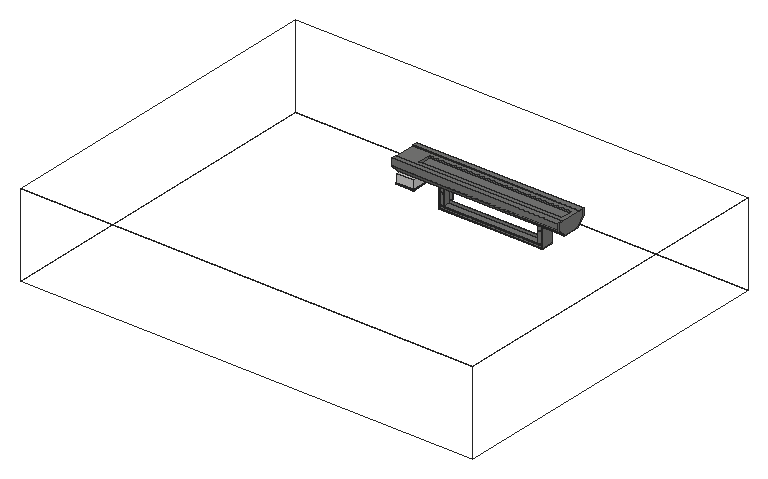
Revit family "Heater-QMark-Thermazone_Thin_Series", category Mechanical Equipment, host Face, Revit 2020
Family settings
  Host = Face
  Round Connector Dimension = Use Diameter
  Classification = None
  Part Type = Normal
  OmniClass Number = 23.75.70.17.17
  OmniClass Title = Radiation Panels
  Cut with Voids When Loaded = No
  Shared = No
  Room Calculation Point = No
Parameters (values of type "Not a Type - Load Type Catalog")
  Watts = 0 W
  Wall Mounting [instance] = yes
  Voltage = 0 V
  Version = "2020 - v1.0a"  # constant formula
  URL = "https://www.marleymep.com/"
  Total Heating Capacity = 0.0 Btu/h
  Product Page URL = "https://www.marleymep.com/products/berko/thermazone-thin-series-commercialresidential-infrared-heater"
  Product Name = "Thermazone Thin Series - Commercial/Residential Infrared Heater"  # constant formula
  Product Documentation Link = "https://www.marleymep.com/system/files/node/file/field-file/Submittal_THERMAZONE_THIN-RadiantHeat-BERKO-FINAL.pdf"
  Power Factor = 1  # constant formula
  Phase = 1
  Number of Poles = 1  # constant formula
  Model = "Noy a Type - Load Type Catalog"
  Manufacturer = "Marley® Engineered Products"  # constant formula
  Length = 3' - 6"
  Keynote = "15500"
  Instruction Sheet Link = "https://www.marleymep.com/system/files/node/file/field-file/Instruction%20Manual_ENM-4156-01%20-%20ThermazoneThin%20-%20Berko_0.pdf"
  Height = 0' - 9"  # constant formula
  Frequency = 60 Hz  # constant formula
  Clearance [instance] = yes
  C_ Thermazone Thin Series WM [instance] = Wall Mounting  # yes
  C_ Thermazone Thin Series CM [instance] = Ceiling Mounting  # no
  Description = "Infrared Heaters for Industrial/Commercial/Residential\r"  # constant formula
  Depth = 0' - 8"  # constant formula
  Default Elevation = 0' - 0"
  Copyright = "© 2015-2024, Marley Engineered Products"  # constant formula
  Ceiling Mounting [instance] = not(Wall Mounting)  # no
  Infrared Material = Paint - Berko - Powder Coated Black
  C_ Clearance Wall Mounting [instance] = if(and(Wall Mounting, Clearance), 1 = 1, 1 = 0)  # yes
  C_ Clearance Ceiling Mounting [instance] = if(and(Ceiling Mounting, Clearance), 1 = 1, 1 = 0)  # no
  Assembly Code = "D3060300"
  Amps = 0 A
Reference planes (in)
  plane 1 "Center (Front/Back)": y = 0
  plane 2: z = 0
  plane 3 "Center (Left/Right)": x = 0
Dimensions and locks (in)
  aligned and locked: plane 2 to host face
  aligned and locked: level to host face
Nested families (in)
  nested 1: "Heater-Berko-Thermazone_Thin_Series-Infrared_Heaters" at (9, 0, 0), Clearance <- "Clearance", Ceiling Mounting <- "Ceiling Mounting", visible <- "C_ Thermazone Thin Series CM", Wall Mounting <- "Wall Mounting", type "Thermazone Thin Series"
    with Wall Mounting yes, Thermazone Thin Series yes, Clearance yes, Ceiling Mounting no, C_ Clearance Wall Mounting yes, C_ Clearance Ceiling Mounting no
  nested 2: "Heater-Berko-Thermazone_Thin_Series-Infrared_Heaters" at (-10.15679, -35.24639, 0) x (-1, 0, 0) z (0, 0, 1), Clearance <- "Clearance", Wall Mounting <- "Wall Mounting", visible <- "C_ Thermazone Thin Series WM", Ceiling Mounting <- "Ceiling Mounting", type "Thermazone Thin Series"
    with Wall Mounting yes, Thermazone Thin Series yes, Clearance yes, Ceiling Mounting no, C_ Clearance Wall Mounting yes, C_ Clearance Ceiling Mounting no
Definition of nested family "Heater-Berko-Thermazone_Thin_Series-Infrared_Heaters"
  Parameters (values of type "Thermazone Thin Series")
    Watts = 0 W
    Wall Mounting [instance] = yes
    Voltage = 0 V
    Version = "2020 - v1.0a"  # constant formula
    URL = "https://www.marleymep.com/"
    Total Heating Capacity = 0.0 Btu/h
    Thermazone Thin Series [instance] = yes
    Product Page URL = "https://www.marleymep.com/products/qmark/thermazone-thin-series-commercialresidential-infrared-heater"
    Product Name = "Thermazone Thin Series - Commercial/Residential Infrared Heater"  # constant formula
    Product Documentation Link = "https://www.marleymep.com/system/files/node/file/field-file/Submittal_THERMAZONE_THIN-RadiantHeat-2-QMark.pdf"
    Power Factor = 0
    Phase = 1
    Number of Poles = 1
    Model = "Thermazone Series"
    Manufacturer = "Marley® Engineered Products"  # constant formula
    Length = 3' - 6"
    Instruction Sheet Link = "https://www.marleymep.com/system/files/node/file/field-file/Instruction%20Manual_ENM-4154-01%20-%20ThermazoneThin%20-%20Qmark.pdf"
    Height = 0' - 9"
    Frequency = 0 Hz
    Frame Material = none
    Clearance [instance] = yes
    Description = "Infrared Heaters for Industrial/Commercial/Residential\r"  # constant formula
    Depth = 0' - 8"
    Default Elevation = 4' - 0"
    Copyright = "© 2015-2024, Marley Engineered Products"  # constant formula
    Infrared Frame Material = none
    Ceiling Mounting [instance] = yes
    C_ Clearance Wall Mounting [instance] = if(and(Wall Mounting, Clearance), 1 = 1, 1 = 0)  # yes
    C_ Clearance Ceiling Mounting [instance] = if(and(Ceiling Mounting, Clearance), 1 = 1, 1 = 0)  # yes
    C_ Bracket Width = if(Length = 2' 0", 1' 4", if(Length = 3' 6", 2' 2", 1' 6"))  # 2' - 2"
    C_ Bracket Distance = if(Length = 2' 0", 0' 2", if(Length = 3' 6", 0' 6", 0' 6"))  # 0' - 6"
    Amps = 0 A
  Reference planes (in)
    plane 1 "Center (Front/Back)": y = 0
    plane 2: z = 0
    plane 3 "Center (Left/Right)": x = -9
    plane 4: x = 12
    plane 5: x = -30
    plane 6: y = 4
    plane 7: y = -4
    plane 8: z = 9
    plane 9: z = 5.3
    plane 10: z = 8.875
    plane 11: z = 8.375
    plane 12: x = 11.16797
    plane 13: x = 8.72656
    plane 14: x = 9.94727
    plane 15: x = 7.69727
    plane 16: x = 12.19727
    plane 17: z = 81
    plane 18: y = 10.875
    plane 19: y = -76
    plane 20: z = 21
  Forms (in)
    Extrusion 1, solid
      sketch origin (0, 0, 0) x (1, 0, 0) y (0, 1, 0)
        loop
          line (-48, 48) -> (-48, -48) -> (48, -48) -> (48, 48) -> (-48, 48)
      from 0 to -12
    Extrusion 2, solid, material <- "Infrared Frame Material", detail levels fine
      sketch origin (-9, 350.02278, 65.44391) x (0, -1, 0) y (0, 0, -1)
        loop
          line (346.02278, 56.44391) -> (347.27278, 56.44391) -> (347.27278, 56.56891) -> (346.14778, 56.56891) -> (346.14778, 58.14213) -> (348.02456, 60.01891) -> (352.02101, 60.01891) -> (353.89778, 58.14213) -> (353.89778, 56.56891) -> (352.77278, 56.56891) -> (352.77278, 56.44391) -> (354.02278, 56.44391) -> (354.02278, 58.19391) -> (352.07278, 60.14391) -> (347.97278, 60.14391) -> (346.02278, 58.19391) -> (346.02278, 56.44391)
      from -21 to 21
    Extrusion 3, solid, material <- "Infrared Frame Material", detail levels fine
      sketch origin (-9, 0, 0) x (0, 1, 0) y (0, 0, 1)
        loop
          line (-3.875, 8.875) -> (-3.875, 7.30178) -> (-1.99822, 5.425) -> (1.99822, 5.425) -> (3.875, 7.30178) -> (3.875, 8.875) -> (-3.875, 8.875)
      from -21 to 21
    Extrusion 4, void
      sketch origin (0, 0, 0) x (1, 0, 0) y (0, 1, 0)
        loop
          line (-29, 1.75) -> (-29, -1.75) -> (7, -1.75) -> (7, 1.75) -> (-29, 1.75)
      from 8.375 to 8.875
    Extrusion 5, solid, material <- "Infrared Frame Material", detail levels fine
      sketch origin (-9, -73.51115, -41.53452) x (0, 1, 0) y (0, 0, 1)
        loop
          line (72.01115, 41.53452) -> (75.01115, 41.53452) -> (75.01115, 41.65952) -> (72.01115, 41.65952) -> (72.01115, 41.53452)
      from -15 to 11
    Extrusion 6, solid, material <- "Infrared Frame Material", detail levels fine
      sketch origin (0, 0, 0) x (1, 0, 0) y (0, 0, 1)
        loop
          line (-24, 0.125) -> (-23.875, 0.125) -> (-23.875, 5.3) -> (-24, 5.3) -> (-24, 0.125)
      from -1.5 to 1.5
    Extrusion 7, solid, material <- "Infrared Frame Material", detail levels fine
      sketch origin (0, 0, 0) x (1, 0, 0) y (0, 1, 0)
        loop
          line (2, 1.5) -> (1.875, 1.5) -> (1.875, -1.5) -> (2, -1.5) -> (2, 1.5)
      from 0.125 to 5.3
    Extrusion 8, solid, material <- "Infrared Frame Material", detail levels fine
      sketch origin (0, 0, 0) x (1, 0, 0) y (0, 1, 0)
        loop
          line (-23.875, 1.5) -> (-23.875, 1.375) -> (1.875, 1.375) -> (1.875, 1.5) -> (-23.875, 1.5)
      from 0.125 to 0.8271
    Extrusion 9, solid, material <- "Infrared Frame Material", detail levels fine
      sketch origin (0, 0, 0) x (1, 0, 0) y (0, 1, 0)
        loop
          line (-23.875, -1.5) -> (1.875, -1.5) -> (1.875, -1.375) -> (-23.875, -1.375) -> (-23.875, -1.5)
      from 0.125 to 0.8271
    Extrusion 10, solid, material <- "Infrared Frame Material", detail levels fine
      sketch origin (0, 0, 0) x (1, 0, 0) y (0, 0, 1)
        loop
          line (1.875, 1.0771) -> (1.875, 3.8271) -> (0.875, 3.8271) -> (0.875, 1.0771) -> (1.875, 1.0771)
        loop
          line (1.875, 5.3271) -> (0.875, 5.3271) -> (0.875, 4.0771) -> (1.875, 4.0771) -> (1.875, 5.3271)
      from 1.375 to 1.5
    Extrusion 11, solid, material <- "Infrared Frame Material", detail levels fine
      sketch origin (0, 0, 0) x (1, 0, 0) y (0, 0, -1)
        loop
          line (1.875, -1.0771) -> (0.875, -1.0771) -> (0.875, -3.8271) -> (1.875, -3.8271) -> (1.875, -1.0771)
        loop
          line (1.875, -5.3271) -> (1.875, -4.0771) -> (0.875, -4.0771) -> (0.875, -5.3271) -> (1.875, -5.3271)
      from 1.375 to 1.5
    Extrusion 12, solid, material <- "Infrared Frame Material", detail levels fine
      sketch origin (-5, 0, 0) x (-1, 0, 0) y (0, 0, -1)
        loop
          line (18.875, -1.0771) -> (17.875, -1.0771) -> (17.875, -3.8271) -> (18.875, -3.8271) -> (18.875, -1.0771)
        loop
          line (18.875, -5.3271) -> (18.875, -4.0771) -> (17.875, -4.0771) -> (17.875, -5.3271) -> (18.875, -5.3271)
      from 1.375 to 1.5
    Extrusion 13, solid, material <- "Infrared Frame Material", detail levels fine
      sketch origin (-5, 0, 0) x (-1, 0, 0) y (0, 0, 1)
        loop
          line (18.875, 1.0771) -> (18.875, 3.8271) -> (17.875, 3.8271) -> (17.875, 1.0771) -> (18.875, 1.0771)
        loop
          line (18.875, 5.3271) -> (17.875, 5.3271) -> (17.875, 4.0771) -> (18.875, 4.0771) -> (18.875, 5.3271)
      from 1.375 to 1.5
    Extrusion 14, solid, material <- "Frame Material", detail levels fine
      sketch origin (-9, -130.56736, -55.69151) x (0, 1, 0) y (0, 0, 1)
        loop
          line (129.34671, 60.99151) -> (129.69236, 60.79195) -> (131.44236, 60.79195) -> (131.78801, 60.99151) -> (129.34671, 60.99151)
      from 17.72656 to 20.16797
    Extrusion 15, void
      sketch origin (0, 0, 0) x (1, 0, 0) y (0, 0, 1)
        loop
          line (8.72656, 5.3) -> (8.72656, 5.10044) -> (9.07222, 5.10044) -> (8.72656, 5.3)
        loop
          line (11.16797, 5.3) -> (10.82231, 5.10044) -> (11.16797, 5.10044) -> (11.16797, 5.3)
      from -1.22065 to 1.22065
    Extrusion 16, solid, material <- "Frame Material"
      sketch origin (-9, -130.56736, -55.69151) x (0, 1, 0) y (0, 0, 1)
        loop
          line (131.17044, 60.79195) -> (129.96428, 60.79195) -> (129.96428, 60.42251) -> (131.17044, 60.42251) -> (131.17044, 60.79195)
      from 18.34375 to 19.55078
    Extrusion 17, solid, material <- "Frame Material", detail levels fine
      sketch origin (-9, -130.56736, -55.69151) x (0, 1, 0) y (0, 0, 1)
        loop
          line (132.81736, 60.42251) -> (128.31736, 60.42251) -> (128.31736, 58.42251) -> (128.16441, 58.42251) -> (128.16441, 58.25933) -> (128.35511, 58.06863) -> (132.77961, 58.06863) -> (132.9703, 58.25933) -> (132.9703, 58.42251) -> (132.81736, 58.42251) -> (132.81736, 60.42251)
      from 16.69727 to 21.19727
    Extrusion 18, void
      sketch origin (10.10021, 3.6924, -0.36944) x (1, 0, 0) y (0, 0, 1)
        loop
          line (-2.25, 5.10044) -> (-2.40295, 5.10044) -> (-2.40295, 3.10044) -> (-2.25, 3.10044) -> (-2.25, 5.10044)
        loop
          line (-2.40295, 2.93725) -> (-2.40295, 2.74656) -> (-2.21225, 2.74656) -> (-2.40295, 2.93725)
      from 1.28946 to 6.09535
    Extrusion 19, void
      sketch origin (9.79432, 3.6924, -0.36944) x (-1, 0, 0) y (0, 0, -1)
        loop
          line (-2.25, -5.10044) -> (-2.25, -3.10044) -> (-2.40295, -3.10044) -> (-2.40295, -5.10044) -> (-2.25, -5.10044)
        loop
          line (-2.40295, -2.93725) -> (-2.21225, -2.74656) -> (-2.40295, -2.74656) -> (-2.40295, -2.93725)
      from 1.28946 to 6.09535
    Extrusion 20, solid, material <- "Infrared Frame Material", detail levels coarse+medium
      sketch origin (-9, 0, 0) x (0, 1, 0) y (0, 0, 1)
        loop
          line (-4, 9) -> (-4, 7.25) -> (-2.05, 5.3) -> (2.05, 5.3) -> (4, 7.25) -> (4, 9) -> (-4, 9)
      from -21 to 21
    Extrusion 21, solid, material <- "Infrared Frame Material", detail levels coarse+medium
      sketch origin (0, 0, 0) x (1, 0, 0) y (0, 0, 1)
        loop
          line (-22.875, 0.8271) -> (-22.875, 5.3) -> (-24, 5.3) -> (-24, 0) -> (2, 0) -> (2, 5.3) -> (0.875, 5.3) -> (0.875, 0.8271) -> (-22.875, 0.8271)
      from -1.5 to 1.5
    Extrusion 22, solid, material <- "Frame Material", detail levels coarse+medium
      sketch origin (-9, 0, 0) x (0, 1, 0) y (0, 0, 1)
        loop
          line (-1.22065, 5.3) -> (-1.22065, 5.10044) -> (1.22065, 5.10044) -> (1.22065, 5.3) -> (-1.22065, 5.3)
      from 17.72656 to 20.16797
    Extrusion 23, solid, material <- "Frame Material", detail levels coarse+medium
      sketch origin (-9, 0, 0) x (0, 1, 0) y (0, 0, 1)
        loop
          line (-2.40295, 4.731) -> (-2.40295, 2.37712) -> (2.40295, 2.37712) -> (2.40295, 4.731) -> (-2.40295, 4.731)
      from 16.69727 to 21.19727
    Extrusion 24, solid, visible <- "C_ Clearance Ceiling Mounting"
      sketch origin (20.10971, 11.35145, 72) x (1, 0, 0) y (0, 1, 0)
        loop
          line (-86.10971, -0.47645) -> (-86.10971, -32.47645) -> (27.89029, -32.47645) -> (27.89029, -0.47645) -> (-86.10971, -0.47645)
      from -72 to 9
    Extrusion 25, solid, visible <- "C_ Clearance Wall Mounting"
      sketch origin (20.10971, -16.47645, 72) x (1, 0, 0) y (0, 1, 0)
        loop
          line (-86.10971, 5.60145) -> (27.89029, 5.60145) -> (27.89029, 92.47645) -> (-86.10971, 92.47645) -> (-86.10971, 5.60145)
      from -72 to -51
  Cuts and joins
    Extrusion 4 cuts Extrusion 3
    Extrusion 15 cuts Extrusion 14
    Extrusion 18, Extrusion 19 cuts Extrusion 17
  Dimensions and locks (in)
    "Length": plane 5 to plane 4
    equal spacing: plane 5, plane 3 "Center (Left/Right)", plane 4
    "Depth": plane 7 to plane 6
    equal spacing: plane 7, plane 1 "Center (Front/Back)", plane 6
    locked: plane 5 to Extrusion 4 sketch curve at 1
    locked: Extrusion 4 sketch curve to plane 4 at 5
    "Height": plane 8 to Extrusion 1
    "C_ Bracket Distance": plane 5 to Extrusion 6
    "C_ Bracket Width": Extrusion 6 to Extrusion 7
    Extrusion 10 to Extrusion 10 to Extrusion 7 = 0' - 1" locked, 0' - 0 1/8" locked
    locked: Extrusion 7 to Extrusion 5 at 0.125
    Extrusion 11 to Extrusion 11 to Extrusion 7 = 0' - 1" locked, 0' - 0 1/8" locked  (x2)
    locked: plane 13 to Extrusion 16 at 0.61719
    locked: Extrusion 16 to plane 12 at 0.61719
    locked: plane 15 to plane 4 at 4.30273
    "C_ Bracket Distance": plane 5 to Extrusion 21
    "C_ Bracket Width": Extrusion 21 to Extrusion 21
    locked: Extrusion 21 sketch curve to Extrusion 21 sketch curve at 1.125  (x2)
    locked: Extrusion 24 sketch curve to plane 5 at 36
    locked: plane 4 to Extrusion 24 sketch curve at 36
    aligned and locked: plane 2 to Extrusion 1
    aligned and locked: level to Extrusion 1
    aligned and locked: Extrusion 2 to plane 4
    aligned and locked: Extrusion 2 to plane 5
    aligned and locked: Extrusion 3 to plane 4
    aligned and locked: Extrusion 3 to plane 5
    aligned and locked: Extrusion 2 to Extrusion 4
    aligned and locked: Extrusion 4 to plane 11
    aligned and locked: Extrusion 5 to Extrusion 6  (x2)
    aligned and locked: plane 9 to Extrusion 7
    aligned and locked: Extrusion 7 to Extrusion 5  (x2)
    aligned and locked: Extrusion 8 to Extrusion 6
    aligned and locked: Extrusion 8 to Extrusion 7
    aligned and locked: Extrusion 8 to Extrusion 5
    aligned and locked: Extrusion 9 to Extrusion 7
    aligned and locked: Extrusion 9 to Extrusion 6
    aligned and locked: Extrusion 10 to Extrusion 7
    aligned and locked: Extrusion 11 to Extrusion 7
    aligned and locked: Extrusion 13 to Extrusion 6
    aligned and locked: Extrusion 12 to Extrusion 6
    aligned and locked: Extrusion 6 to Extrusion 5
    aligned and locked: Extrusion 15 to Extrusion 14
    aligned and locked: plane 13 to Extrusion 14
    aligned and locked: Extrusion 14 to plane 12
    aligned and locked: plane 15 to Extrusion 17
    aligned and locked: plane 16 to Extrusion 17
    aligned and locked: Extrusion 20 to plane 5
    aligned and locked: Extrusion 20 to plane 4
    aligned and locked: Extrusion 21 to Extrusion 5  (x2)
    aligned and locked: Extrusion 22 to plane 12
    aligned and locked: plane 13 to Extrusion 22
    aligned and locked: plane 16 to Extrusion 23
    aligned and locked: plane 15 to Extrusion 23
  Automatic sketch dimensions
    Extrusion 1 sketch curve to Extrusion 1 sketch curve = 8' - 0"  (x2)
    Extrusion 2 sketch curve to plane 6 = 0' - 0"
    Extrusion 2 sketch curve to plane 10 = 0' - 0"  (x2)
    Extrusion 2 sketch curve to plane 8 = 0' - 0"  (x2)
    Extrusion 2 sketch curve to plane 9 = 0' - 0"
    Extrusion 2 sketch curve to plane 7 = 0' - 0"
    plane 6 to Extrusion 2 sketch curve = 0' - 0 1/8"
    Extrusion 2 sketch curve to Extrusion 2 sketch curve = 0' - 1 1/8"
    plane 6 to Extrusion 2 sketch curve = 0' - 1.95"
    plane 9 to Extrusion 2 sketch curve = 0' - 0 1/8"
    Extrusion 2 sketch curve to Extrusion 2 sketch curve = 0' - 0.05178"  (x4)
    plane 1 "Center (Front/Back)" to Extrusion 2 sketch curve = 0' - 1.99822"
    plane 7 to Extrusion 2 sketch curve = 0' - 1 1/4"
    plane 7 to Extrusion 2 sketch curve = 0' - 0 1/8"
    Extrusion 2 sketch curve to plane 11 = 0' - 1.07322"  (x2)
    Extrusion 3 sketch curve to plane 10 = 0' - 0"
    plane 7 to Extrusion 3 sketch curve = 0' - 0 1/8"
    plane 9 to Extrusion 3 sketch curve = 0' - 0 1/8"
    plane 1 "Center (Front/Back)" to Extrusion 3 sketch curve = 0' - 1.99822"
    Extrusion 3 sketch curve to plane 1 "Center (Front/Back)" = 0' - 1.99822"
    plane 6 to Extrusion 3 sketch curve = 0' - 0 1/8"
    Extrusion 3 sketch curve to plane 11 = 0' - 1.07322"  (x2)
    plane 1 "Center (Front/Back)" to Extrusion 4 sketch curve = 0' - 1 3/4"
    Extrusion 4 sketch curve to plane 1 "Center (Front/Back)" = 0' - 1 3/4"
    Extrusion 5 sketch curve to level = 0' - 0"
    plane 1 "Center (Front/Back)" to Extrusion 5 sketch curve = 0' - 1 1/2"
    level to Extrusion 5 sketch curve = 0' - 0 1/8"
    Extrusion 5 sketch curve to plane 1 "Center (Front/Back)" = 0' - 1 1/2"
    Extrusion 6 sketch curve to plane 9 = 0' - 0"
    plane 5 to Extrusion 6 sketch curve = 0' - 6"
    Extrusion 6 sketch curve to Extrusion 6 sketch curve = 0' - 0 1/8"
    level to Extrusion 6 sketch curve = 0' - 0 1/8"
    Extrusion 7 sketch curve to plane 1 "Center (Front/Back)" = 0' - 1 1/2"
    plane 15 to Extrusion 7 sketch curve = 0' - 5.82227"
    Extrusion 7 sketch curve to Extrusion 7 sketch curve = 0' - 0 1/8"
    plane 1 "Center (Front/Back)" to Extrusion 7 sketch curve = 0' - 1 1/2"
    Extrusion 8 sketch curve to plane 1 "Center (Front/Back)" = 0' - 1 1/2"
    plane 5 to Extrusion 8 sketch curve = 0' - 6 1/8"
    Extrusion 8 sketch curve to plane 1 "Center (Front/Back)" = 0' - 1 3/8"
    plane 15 to Extrusion 8 sketch curve = 0' - 5.82227"
    Extrusion 9 sketch curve to plane 1 "Center (Front/Back)" = 0' - 1 1/2"
    Extrusion 9 sketch curve to plane 5 = 0' - 6 1/8"
    Extrusion 9 sketch curve to plane 1 "Center (Front/Back)" = 0' - 1 3/8"
    Extrusion 9 sketch curve to plane 15 = 0' - 5.82227"
    Extrusion 10 sketch curve to plane 9 = 0' - 1.4729"
    plane 15 to Extrusion 10 sketch curve = 0' - 6.82227"
    plane 9 to Extrusion 10 sketch curve = 0' - 0.0271"
    Extrusion 10 sketch curve to Extrusion 10 sketch curve = 0' - 0"
    Extrusion 10 sketch curve to Extrusion 10 sketch curve = 0' - 1"  (x2)
    level to Extrusion 10 sketch curve = 0' - 1.0771"
    Extrusion 10 sketch curve to Extrusion 10 sketch curve = 0' - 0 1/4"
    Extrusion 11 sketch curve to plane 9 = 0' - 1.4729"
    plane 15 to Extrusion 11 sketch curve = 0' - 6.82227"
    plane 9 to Extrusion 11 sketch curve = 0' - 0.0271"
    Extrusion 11 sketch curve to Extrusion 11 sketch curve = 0' - 0"
    Extrusion 11 sketch curve to Extrusion 11 sketch curve = 0' - 1"  (x2)
    Extrusion 11 sketch curve to Extrusion 11 sketch curve = 0' - 0 1/4"
    level to Extrusion 11 sketch curve = 0' - 1.0771"
    plane 9 to Extrusion 12 sketch curve = 0' - 1.4729"
    Extrusion 12 sketch curve to plane 5 = 0' - 7 1/8"
    Extrusion 12 sketch curve to plane 9 = 0' - 0.0271"
    Extrusion 12 sketch curve to Extrusion 12 sketch curve = 0' - 0"
    Extrusion 12 sketch curve to Extrusion 12 sketch curve = 0' - 1"  (x2)
    Extrusion 12 sketch curve to level = 0' - 1.0771"
    Extrusion 12 sketch curve to Extrusion 12 sketch curve = 0' - 0 1/4"
    Extrusion 13 sketch curve to plane 9 = 0' - 1.4729"
    plane 5 to Extrusion 13 sketch curve = 0' - 7 1/8"
    plane 9 to Extrusion 13 sketch curve = 0' - 0.0271"
    Extrusion 13 sketch curve to Extrusion 13 sketch curve = 0' - 0"
    Extrusion 13 sketch curve to Extrusion 13 sketch curve = 0' - 1"  (x2)
    level to Extrusion 13 sketch curve = 0' - 1.0771"
    Extrusion 13 sketch curve to Extrusion 13 sketch curve = 0' - 0 1/4"
    Extrusion 14 sketch curve to plane 9 = 0' - 0"
    plane 1 "Center (Front/Back)" to Extrusion 14 sketch curve = 0' - 1.22065"
    Extrusion 14 sketch curve to plane 9 = 0' - 0.19956"
    Extrusion 14 sketch curve to Extrusion 14 sketch curve = 0' - 0.34565"  (x2)
    Extrusion 14 sketch curve to plane 1 "Center (Front/Back)" = 0' - 0 7/8"
    Extrusion 15 sketch curve to plane 9 = 0' - 0"  (x2)
    plane 13 to Extrusion 15 sketch curve = 0' - 0"
    plane 12 to Extrusion 15 sketch curve = 0' - 0"
    Extrusion 15 sketch curve to plane 13 = 0' - 0.34565"
    Extrusion 15 sketch curve to Extrusion 15 sketch curve = 0' - 0.34565"
    Extrusion 15 sketch curve to plane 9 = 0' - 0.19956"  (x2)
    Extrusion 16 sketch curve to plane 9 = 0' - 0.19956"
    plane 1 "Center (Front/Back)" to Extrusion 16 sketch curve = 0' - 0.60308"
    Extrusion 16 sketch curve to plane 1 "Center (Front/Back)" = 0' - 0.60308"
    Extrusion 16 sketch curve to Extrusion 16 sketch curve = 0' - 0.36944"
    plane 7 to Extrusion 17 sketch curve = 0' - 1.59705"
    Extrusion 17 sketch curve to Extrusion 17 sketch curve = 0' - 0.15295"  (x2)
    Extrusion 17 sketch curve to Extrusion 17 sketch curve = 0' - 0.1907"  (x3)
    plane 6 to Extrusion 17 sketch curve = 0' - 1.78775"
    Extrusion 17 sketch curve to Extrusion 17 sketch curve = 0' - 0.03775"
    level to Extrusion 17 sketch curve = 0' - 2.37712"
    Extrusion 17 sketch curve to Extrusion 17 sketch curve = 0' - 0.16318"  (x2)
    Extrusion 17 sketch curve to plane 9 = 0' - 0.569"
    plane 15 to Extrusion 18 sketch curve = 0' - 0"  (x2)
    Extrusion 18 sketch curve to plane 15 = 0' - 0.15295"
    Extrusion 18 sketch curve to plane 15 = 0' - 0.1907"
    level to Extrusion 18 sketch curve = 0' - 2.37712"
    Extrusion 18 sketch curve to Extrusion 18 sketch curve = 0' - 0.1907"
    Extrusion 18 sketch curve to Extrusion 18 sketch curve = 0' - 0.16318"
    Extrusion 18 sketch curve to plane 9 = 0' - 0.569"
    Extrusion 19 sketch curve to plane 16 = 0' - 0"  (x2)
    Extrusion 19 sketch curve to plane 4 = 0' - 0.04432"
    Extrusion 19 sketch curve to plane 4 = 0' - 0.00657"
    Extrusion 19 sketch curve to plane 9 = 0' - 0.569"
    Extrusion 19 sketch curve to Extrusion 19 sketch curve = 0' - 2"
    Extrusion 19 sketch curve to Extrusion 19 sketch curve = 0' - 0.16318"
    Extrusion 19 sketch curve to Extrusion 19 sketch curve = 0' - 0.1907"
    Extrusion 20 sketch curve to plane 7 = 0' - 0"
    Extrusion 20 sketch curve to plane 9 = 0' - 0"
    Extrusion 20 sketch curve to plane 6 = 0' - 0"
    Extrusion 20 sketch curve to plane 8 = 0' - 0"
    plane 7 to Extrusion 20 sketch curve = 0' - 1.95"
    plane 6 to Extrusion 20 sketch curve = 0' - 1.95"
    Extrusion 20 sketch curve to plane 11 = 0' - 1 1/8"  (x2)
    Extrusion 21 sketch curve to level = 0' - 0"
    Extrusion 21 sketch curve to plane 9 = 0' - 0"  (x2)
    plane 5 to Extrusion 21 sketch curve = 0' - 6"
    level to Extrusion 21 sketch curve = 0' - 0.8271"
    plane 15 to Extrusion 21 sketch curve = 0' - 6.82227"
    Extrusion 22 sketch curve to plane 9 = 0' - 0"
    Extrusion 22 sketch curve to plane 9 = 0' - 0.19956"
    plane 1 "Center (Front/Back)" to Extrusion 22 sketch curve = 0' - 1.22065"
    Extrusion 22 sketch curve to plane 1 "Center (Front/Back)" = 0' - 1.22065"
    plane 7 to Extrusion 23 sketch curve = 0' - 1.59705"
    plane 6 to Extrusion 23 sketch curve = 0' - 1.59705"
    level to Extrusion 23 sketch curve = 0' - 2.37712"
    Extrusion 23 sketch curve to plane 9 = 0' - 0.569"
    plane 18 to Extrusion 24 sketch curve = 0' - 0"
    Extrusion 24 sketch curve to plane 7 = 1' - 5 1/8"
    Extrusion 25 sketch curve to plane 5 = 3' - 0"
    plane 16 to Extrusion 25 sketch curve = 2' - 11.80273"
    Extrusion 25 sketch curve to plane 7 = 0' - 6 7/8"
    Extrusion 25 sketch curve to plane 18 = 5' - 5 1/8"
